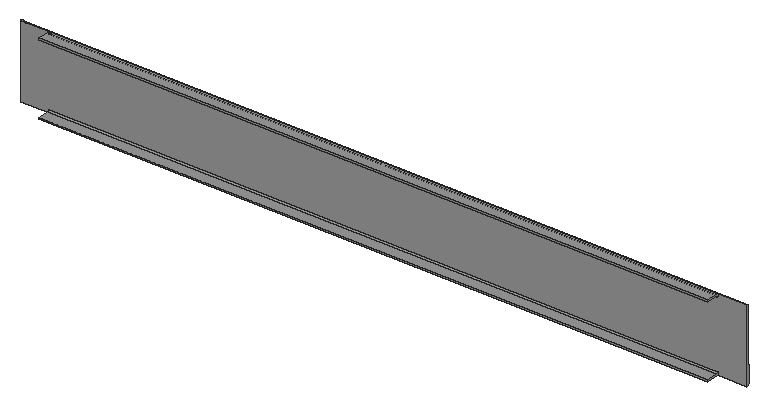
Revit family "ITK by ZPAS__Органайзер кабельный горизонтальный 19", category Обобщенные модели, Revit 2019
Family settings
  Может служить основой для арматурных стержней = Нет
  Размер круглого соединителя = Использовать диаметр
  Тип детали = Нормальный
  На основе рабочей плоскости = Нет
  Всегда вертикально = Да
  При загрузке вырезать с полостями = Нет
  Общий = Нет
  Точка расчета площади = Нет
Parameters (values of type "Ш1000")
  Ширина = 1000 mm
  Степень защиты = ""
  Материал = Окраска - RAL 7035
  Изготовитель = "ITK"  # constant formula
  Дата изменения = ""
  Глубина = 20 mm  # constant formula
  Высота = 100 mm  # constant formula
  Тип монтажа = "Установка на захваты"  # constant formula
  URL = "https://www.iek.ru/"
  KSI_CPr_Строительные изделия = "61.1.04.08"  # constant formula
  KSI_CMa_Строительные материалы = "10.03.02.06"  # constant formula
  IEK_Цена за единицу = 4133.77
  IEK_Поиск в таблице имен = ""
  IEK_Описание = "Органайзеры крепятся к каркасу шкафа."
  IEK_URL = "https://www.itk-group.ru/produktsiya/catalog/oborudovanie_telekommunikatsionnoe/kompleksnye_resheniya_dlya_tsod/shkafy_i_aksessuary_dlya_tsod/komplektuyushchie_i_aksessuary_dlya_shkafov_itk_by_zpas/kabelnye_organizatory_itk_by_zpas/itk_by_zpas_organayzer_kabelnyy_gorizontalnyy_19_1000mm"
  ADSK_Примечание = ""
  ADSK_Позиция [instance] = ""
  ADSK_Наименование = "ITK by ZPAS Органайзер кабельный горизонтальный 19\" 1000"
  ADSK_Материал обозначение = ""
  ADSK_Материал наименование = "Листовая сталь"  # constant formula
  ADSK_Масса = 0.3
  ADSK_Марка = "by ZPAS"  # constant formula
  ADSK_Код изделия = "ZP-CO-H-1000"
  ADSK_Завод-изготовитель = "IEK"  # constant formula
  ADSK_Единица измерения = "шт"  # constant formula
  ADSK_Группирование = "I. ЩИТЫ И ПУЛЬТЫ"  # constant formula
  ADSK_Версия семейства = "1.0"  # constant formula
  ADSK_Версия Revit = "2019"  # constant formula
  ADSK_URL страницы изделия = "https://www.itk-group.ru/produktsiya/catalog/oborudovanie_telekommunikatsionnoe/kompleksnye_resheniya_dlya_tsod/shkafy_i_aksessuary_dlya_tsod/komplektuyushchie_i_aksessuary_dlya_shkafov_itk_by_zpas/kabelnye_organizatory_itk_by_zpas/?pagec=50"
Types (2, lengths in mm): name | Ширина | IEK_Цена за единицу | IEK_URL | ADSK_Наименование | ADSK_Масса | ADSK_Код изделия
  Ш1000 | 1000 | 4133.77 | "https://www.itk-group.ru/produktsiya/catalog/oborudovanie_telekommunikatsionnoe/kompleksnye_resheniya_dlya_tsod/shkafy_i_aksessuary_dlya_tsod/komplektuyushchie_i_aksessuary_dlya_shkafov_itk_by_zpas/kabelnye_organizatory_itk_by_zpas/itk_by_zpas_organayzer_kabelnyy_gorizontalnyy_19_1000mm" | "ITK by ZPAS Органайзер кабельный горизонтальный 19\" 1000" | 0.3 | "ZP-CO-H-1000"
  Ш1200 | 1200 | 4324.48 | "https://www.itk-group.ru/produktsiya/catalog/oborudovanie_telekommunikatsionnoe/kompleksnye_resheniya_dlya_tsod/shkafy_i_aksessuary_dlya_tsod/komplektuyushchie_i_aksessuary_dlya_shkafov_itk_by_zpas/kabelnye_organizatory_itk_by_zpas/itk_by_zpas_organayzer_kabelnyy_gorizontalnyy_19_1200mm" | "ITK by ZPAS Органайзер кабельный горизонтальный 19\" 1200" | 0.4 | "ZP-CO-H-1200"
Reference planes
  plane 1 "По центру (Вперед/Назад)": y = 0
  plane 2: z = 0
  plane 3 "По центру (Влево/Вправо)": x = 0
  plane 4: y = 10
  plane 5: y = -10
  plane 6: x = -500
  plane 7: x = 500
  plane 8: z = 100
  plane 9: x = -460
  plane 10: x = 460
  plane 11: z = 50
Forms (mm)
  Extrusion 1, solid, material "Окраска - RAL 7035" <- "Материал", detail levels fine
    sketch origin (0, 0, 0) x (0, 1, 0) y (0, 0, 1)
      loop
        line (-10, 100) -> (-10, 97.981) -> (5.934, 97.981)
        arc (5.934, 97.981) -> (7.365, 97.389) -> (7.958, 95.958) r 2.023
        line (7.958, 95.958) -> (7.958, 50) -> (7.958, 4.042)
        arc (7.958, 4.042) -> (7.365, 2.611) -> (5.934, 2.019) r 2.023
        line (5.934, 2.019) -> (-10, 2.019) -> (-10, 0) -> (8.033, 0)
        arc (8.033, 0) -> (9.424, 0.576) -> (10, 1.967) r 1.967
        line (10, 1.967) -> (10, 50) -> (10, 98.033)
        arc (10, 98.033) -> (9.424, 99.424) -> (8.033, 100) r 1.967
        line (8.033, 100) -> (-10, 100)
    from -500 to 500
  Extrusion 2, void
    sketch origin (0, 0, 0) x (1, 0, 0) y (0, 1, 0)
      loop
        line (-500, -39.854) -> (-460, -39.854) -> (-460, 7.958) -> (-500, 7.958) -> (-500, -39.854)
      loop
        line (500, -39.854) -> (500, 7.958) -> (460, 7.958) -> (460, -39.854) -> (500, -39.854)
    from -24.302 to 121.5
  Extrusion 3, solid, material "Условный материал-отделка", detail levels coarse+medium
    sketch origin (0, 0, 0) x (0, 1, 0) y (0, 0, 1)
      loop
        line (-10, 100) -> (-10, 0) -> (10, 0) -> (10, 100) -> (-10, 100)
    from -500 to 500
Cuts and joins
  Extrusion 2 cuts Extrusion 1
Dimensions and locks
  equal spacing: plane 6, plane 3 "По центру (Влево/Вправо)", plane 7
  "Ширина": plane 6 to plane 7
  equal spacing: plane 4, plane 1 "По центру (Вперед/Назад)", plane 5
  "Глубина": plane 4 to plane 5
  "Высота": plane 8 to level
  locked: plane 6 to plane 9 at 40
  locked: plane 10 to plane 7 at 40
  equal spacing: plane 8, plane 11, level
  aligned and locked: level to plane 2
  aligned and locked: Extrusion 1 to plane 6
  aligned and locked: plane 7 to Extrusion 1
  aligned and locked: plane 9 to Extrusion 2 sketch curve
  aligned and locked: Extrusion 2 sketch curve to plane 6
  aligned and locked: Extrusion 2 sketch curve to plane 10
  aligned and locked: Extrusion 2 sketch curve to plane 7
  aligned and locked: Extrusion 3 sketch curve to cut or joined group of Extrusion 1, Extrusion 2  (x2)
  aligned and locked: level to Extrusion 3 sketch curve
  aligned and locked: Extrusion 3 sketch curve to plane 4
  aligned and locked: Extrusion 3 to plane 6
  aligned and locked: plane 7 to Extrusion 3
Automatic sketch dimensions
  Extrusion 1 sketch curve to plane 5 = 0 mm  (x2)
  Extrusion 1 sketch curve to plane 11 = 0 mm  (x2)
  Extrusion 1 sketch curve to plane 8 = 0 mm
  Extrusion 1 sketch curve to level = 0 mm
  Extrusion 1 sketch curve to plane 4 = 0 mm
  Extrusion 1 sketch curve to plane 4 = 4.066 mm  (x2)
  Extrusion 1 sketch curve to Extrusion 1 sketch curve = 2.042 mm
  Extrusion 1 sketch curve to Extrusion 1 sketch curve = 1.967 mm
  Extrusion 1 sketch curve to plane 4 = 1.967 mm
  level to Extrusion 1 sketch curve = 2.019 mm
  Extrusion 1 sketch curve to Extrusion 1 sketch curve = 2.075 mm
  Extrusion 2 sketch curve to plane 5 = 29.854 mm  (x2)
  Extrusion 2 sketch curve to plane 4 = 2.042 mm  (x2)
